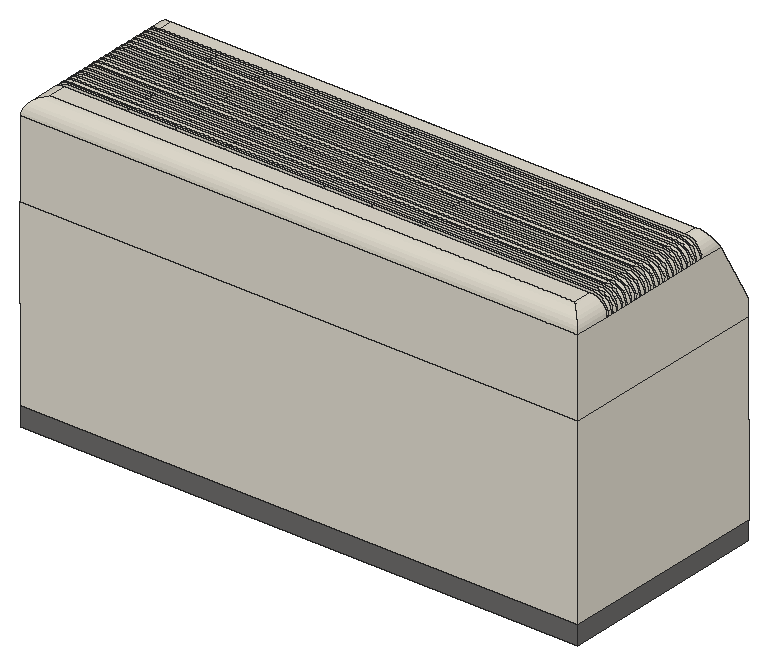
Revit family "HVAC_PTAC-Heat-Pump", category Mechanical Equipment, host Face, Revit 2026
Family settings
  Host = Face
  Round Connector Dimension = Use Diameter
  Part Type = Normal
  Classification Number = 23.75.70.21.21
  Cut with Voids When Loaded = No
  Maintain Annotation Orientation = No
  Shared = No
  Room Calculation Point = No
Parameters (values of type "230V Base Model 7k Load")
  Warranty Duration (Years) = 0
  Wall Sleeve_Standard Depth [instance] = yes
  Wall Sleeve_24in Depth [instance] = no
  Wall Sleeve_16in Depth [instance] = no
  Wall Sleeve Finish [instance] = Beige
  Vent Fan CFM = "38 CFM"
  Unit Width = 3' - 6"
  Unit Weight = 98
  Unit Height = 1' - 4"
  Unit Depth = 0' - 7 1/16"
  URL = ""
  Type Comments = ""
  Temperature Range = "60 - 85 F"
  Sub Base Height Opening Cut Adjustment [instance] = 0' - 0"
  Sub Base Finish [instance] = Dark Brown
  Sub Base Depth [instance] = 1' - 1 3/4"
  Standards Conformance = "UL  ;  ULc  ;  AHRI"
  Show Generic Exterior Grille [instance] = yes
  STC Rating = 29
  SHR = 0.79
  Power Factor = 0.96
  Power Consumption_Heating = 41.8064 VA
  Power Consumption_Cooling = 50.6322 VA
  Poles = 2
  Opening Depth [instance] = 1' - 1 3/4"
  NEMA Receptacle [instance] = "[NEMA6] [NEMA7]"
  Mounting Height [instance] = 2' - 0"
  Model = ""
  Manufacturer = ""
  Maintenance Schedule (Months) = 0
  MEP Apparent Power = if((Heating), Power Consumption_Heating, Power Consumption_Cooling)  # 41.8064 VA
  Keynote = "23 81 00"
  Installation Phase = ""
  Indoor Fan CFM = "250 - 409 CFM"
  Include Sub Base [instance] = no
  Heating Capacity = 1965.39 Btu/h
  Heating COP = 4
  Heating Amp Draw = "2.1"
  Heating = yes
  Grille Finish [instance] = Dark Brown
  Fixture Finish [instance] = Beige
  Expected Lifespan (Years) = 0
  Electrical_Voltage = 21.3677 V
  Electrical_Phase = 1
  Electrical_Frequency = 0 Hz
  Electrical_Amperage = 0 A
  Description = ""
  Dehumidification Rate = "1.7 pts / hr"
  Default Elevation = 0' - 0"  # constant formula
  Copyright = "ARCAT"
  Cooling EER = 13
  Cooling Capacity = 2250.69 Btu/h
  Cooling Amp Draw = "2.5 FL - 13.5 LR"
  Assembly Code = "D3050200"
Types (2): name | URL | Type Comments | Power Consumption_Heating | Power Consumption_Cooling | Model | Manufacturer | MEP Apparent Power | Heating Capacity | Heating Amp Draw | Electrical_Voltage | Description | Copyright | Cooling Capacity | Cooling Amp Draw
  230V Base Model 7k Load | "" | "" | 41.8064 VA | 50.6322 VA | "" | "" | 41.8064 VA | 1965.39 Btu/h | "2.1" | 21.3677 V | "" | "ARCAT" | 2250.69 Btu/h | "2.5 FL - 13.5 LR"
  208V Base Model 7k Load | "http://www.geappliances.com/ge/zoneline.htm" | "Contact GE for up-to-date install requirements." | 40.8773 VA | 49.2386 VA | "AZ65H07DAB" | "GE Zoneline" | 40.8773 VA | 1933.69 Btu/h | "2.2" | 19.3238 V | "GE Zoneline Wall Mounted Heat Pump Commercial Air Conditioner - PTAC AZ65H07DAB as Specified" | "©Arcat Inc." | 2187.29 Btu/h | "2.7 FL - 13.5 LR"
Reference planes (in)
  plane 1 "Center (Elevation)": y = -10.0025
  plane 2: z = 0
  plane 3 "Center (Left/Right)": x = 0
  plane 4: y = -2.0025
  plane 5: y = -18.0025
  plane 6: x = -21
  plane 7: x = 21
  plane 8: z = 12
  plane 9 "FF": y = -42.0025
  plane 10: z = -13.75
Forms (in)
  Extrusion 1, void
    sketch origin (0, 0, 0) x (1, 0, 0) y (0, 1, 0)
      loop
        line (-21, -2.0025) -> (-21, -18.0025) -> (21, -18.0025) -> (21, -2.0025) -> (-21, -2.0025)
    from 0 to -13.75
Dimensions and locks (in)
  plane 8 to level = 1' - 0"
  equal spacing: plane 4, plane 1 "Center (Elevation)", plane 5
  "Unit Height": plane 4 to plane 5
  equal spacing: plane 6, plane 3 "Center (Left/Right)", plane 7
  "Unit Width": plane 6 to plane 7
  "Mounting Height": plane 5 to plane 9 "FF"
  "Sub Base Height Opening Cut Adjustment": plane 5 to Extrusion 1 sketch curve
  "Opening Depth": level to plane 10
  aligned and locked: plane 2 to host face
  aligned and locked: level to host face
  aligned and locked: plane 1 "Center (Elevation)" to nested 1
  aligned and locked: plane 3 "Center (Left/Right)" to nested 1
  aligned and locked: Extrusion 1 sketch curve to plane 6
  aligned and locked: Extrusion 1 sketch curve to plane 4
  aligned and locked: Extrusion 1 sketch curve to plane 7
  aligned and locked: Extrusion 1 to plane 10
Automatic sketch dimensions
  host sketch curve to host sketch curve = 8' - 0"  (x2)
Nested families (in)
  nested 1: "GEZoneline" at (0, -10.0025, 0), RAB17B Sleeve <- "Wall Sleeve_Standard Depth", RAB7116B Sleeve <- "Wall Sleeve_16in Depth", RAB7124B Sleeve <- "Wall Sleeve_24in Depth", sleeve finish <- "Wall Sleeve Finish", finish <- "Fixture Finish", Show Generic Grille <- "Show Generic Exterior Grille", grille finish <- "Grille Finish", type "GEZoneline"
    with sleeve finish Beige, grille finish Dark Brown, grille depth 0' - 1 3/8", finish Beige, depth of sleeve 1' - 1 3/4", Show Generic Grille yes, RAB7124B Sleeve no, RAB7116B Sleeve no, RAB17B Sleeve yes
Connectors (in)
  electrical at (0, -18.0025, 2.90625), driven by "Power Factor", driven by "Poles", driven by "Electrical_Voltage", driven by "MEP Apparent Power"
    settings: on nested 1, index 1, voltage 21.3677 V, apparent load 0 VA, apparent load phase1 41.8064 VA, apparent load phase2 0 VA, apparent load phase3 0 VA, power factor 0.96, load classification "HVAC", number of poles 2, system type 31, power factor state 1, is connector primary yes, connector utility no, sub classification motor no, connector description ""
Definition of nested family "GEZoneline"
  Parameters
    width = 3' - 6"
    sleeve finish [instance] = none
    height = 1' - 4"
    grille finish [instance] = none
    grille depth [instance] = 0' - 1 3/8"
    finish [instance] = none
    depth of sleeve [instance] = if(RAB7124B Sleeve, 2' 0", if(RAB7116B Sleeve, 1' 4", 1' 1 3/4"))  # 1' - 1 3/4"
    depth = 1' - 8 13/16"
    Show Generic Grille [instance] = yes
    RAB7124B Sleeve [instance] = no
    RAB7116B Sleeve [instance] = no
    RAB17B Sleeve [instance] = yes
    Default Elevation = 4' - 0"
  Reference planes (in)
    plane 1 "Center (Front/Back)": y = 0
    plane 2: z = 0
    plane 3 "Center (Left/Right)": x = 0
    plane 4: x = -21
    plane 5: x = 21
    plane 6: y = 8
    plane 7: y = -8
    plane 8: z = 7.0625
    plane 9: z = -13.75
  Forms (in)
    Extrusion 1, solid, material <- "finish"
      sketch origin (0, 0, 0) x (1, 0, 0) y (0, 0, 1)
        loop
          line (-21, 0) -> (21, 0) -> (21, 5.8125)
          arc (21, 5.8125) -> (20.63388, 6.69638) -> (19.75, 7.0625) r 1.25
          line (19.75, 7.0625) -> (-19.75, 7.0625)
          arc (-19.75, 7.0625) -> (-20.63388, 6.69638) -> (-21, 5.8125) r 1.25
          line (-21, 5.8125) -> (-21, 0)
      from -8 to -3.62625
    Extrusion 2, solid, material <- "sleeve finish"
      sketch origin (0, 0, 0) x (1, 0, 0) y (0, 0, 1)
        loop
          line (-21, 0) -> (-21, -13.75) -> (21, -13.75) -> (21, 0) -> (-21, 0)
      from -8 to 8
    Extrusion 3, void
      sketch origin (0, 0, 0) x (0, 1, 0) y (0, 0, 1)
        loop
          arc (7.89399, 1.43362) -> (7.97304, 1.24278) -> (8, 1.03798) r 0.79129
          line (8, 1.03798) -> (8, 7.0625) -> (4.64415, 7.0625) -> (7.89399, 1.43362)
      from -21 to 21
    Extrusion 4, void
      sketch origin (0, 0, 0) x (0, 1, 0) y (0, 0, 1)
        loop
          line (-8, 7.0625) -> (-8, 5.8125)
          arc (-8, 5.8125) -> (-7.63388, 6.69638) -> (-6.75, 7.0625) r 1.25
          line (-6.75, 7.0625) -> (-8, 7.0625)
      from -21 to 21
    Extrusion 5, solid, material <- "finish", detail levels fine
      sketch origin (0, 0, 0) x (1, 0, 0) y (0, 0, 1)
        loop
          arc (-19.75, 7.0625) -> (-20.63388, 6.69638) -> (-21, 5.8125) r 1.25
          line (-21, 5.8125) -> (21, 5.8125)
          arc (21, 5.8125) -> (20.63388, 6.69638) -> (19.75, 7.0625) r 1.25
          line (19.75, 7.0625) -> (-19.75, 7.0625)
      from -3.42364 to -3.19908
    Extrusion 6, solid, material <- "finish", detail levels medium+fine
      sketch origin (0, -0.4375, 0) x (1, 0, 0) y (0, 0, 1)
        loop
          arc (-19.75, 7.0625) -> (-20.63388, 6.69638) -> (-21, 5.8125) r 1.25
          line (-21, 5.8125) -> (21, 5.8125)
          arc (21, 5.8125) -> (20.63388, 6.69638) -> (19.75, 7.0625) r 1.25
          line (19.75, 7.0625) -> (-19.75, 7.0625)
      from -3.42364 to -3.19908
    Extrusion 7, solid, material <- "finish", detail levels coarse+fine
      sketch origin (0, -0.875, 0) x (1, 0, 0) y (0, 0, 1)
        loop
          arc (-19.75, 7.0625) -> (-20.63388, 6.69638) -> (-21, 5.8125) r 1.25
          line (-21, 5.8125) -> (21, 5.8125)
          arc (21, 5.8125) -> (20.63388, 6.69638) -> (19.75, 7.0625) r 1.25
          line (19.75, 7.0625) -> (-19.75, 7.0625)
      from -3.42364 to -3.19908
    Extrusion 8, solid, material <- "finish", detail levels medium+fine
      sketch origin (0, -1.3125, 0) x (1, 0, 0) y (0, 0, 1)
        loop
          arc (-19.75, 7.0625) -> (-20.63388, 6.69638) -> (-21, 5.8125) r 1.25
          line (-21, 5.8125) -> (21, 5.8125)
          arc (21, 5.8125) -> (20.63388, 6.69638) -> (19.75, 7.0625) r 1.25
          line (19.75, 7.0625) -> (-19.75, 7.0625)
      from -3.42364 to -3.19908
    Extrusion 9, solid, material <- "finish", detail levels fine
      sketch origin (0, -1.75, 0) x (1, 0, 0) y (0, 0, 1)
        loop
          arc (-19.75, 7.0625) -> (-20.63388, 6.69638) -> (-21, 5.8125) r 1.25
          line (-21, 5.8125) -> (21, 5.8125)
          arc (21, 5.8125) -> (20.63388, 6.69638) -> (19.75, 7.0625) r 1.25
          line (19.75, 7.0625) -> (-19.75, 7.0625)
      from -3.42364 to -3.19908
    Extrusion 10, solid, material <- "finish", detail levels medium+fine
      sketch origin (0, -2.1875, 0) x (1, 0, 0) y (0, 0, 1)
        loop
          arc (-19.75, 7.0625) -> (-20.63388, 6.69638) -> (-21, 5.8125) r 1.25
          line (-21, 5.8125) -> (21, 5.8125)
          arc (21, 5.8125) -> (20.63388, 6.69638) -> (19.75, 7.0625) r 1.25
          line (19.75, 7.0625) -> (-19.75, 7.0625)
      from -3.42364 to -3.19908
    Extrusion 11, solid, material <- "finish", detail levels coarse+fine
      sketch origin (0, -2.625, 0) x (1, 0, 0) y (0, 0, 1)
        loop
          arc (-19.75, 7.0625) -> (-20.63388, 6.69638) -> (-21, 5.8125) r 1.25
          line (-21, 5.8125) -> (21, 5.8125)
          arc (21, 5.8125) -> (20.63388, 6.69638) -> (19.75, 7.0625) r 1.25
          line (19.75, 7.0625) -> (-19.75, 7.0625)
      from -3.42364 to -3.19908
    Extrusion 12, solid, material <- "finish", detail levels medium+fine
      sketch origin (0, -3.0625, 0) x (1, 0, 0) y (0, 0, 1)
        loop
          arc (-19.75, 7.0625) -> (-20.63388, 6.69638) -> (-21, 5.8125) r 1.25
          line (-21, 5.8125) -> (21, 5.8125)
          arc (21, 5.8125) -> (20.63388, 6.69638) -> (19.75, 7.0625) r 1.25
          line (19.75, 7.0625) -> (-19.75, 7.0625)
      from -3.42364 to -3.19908
    Extrusion 13, solid, material <- "finish", detail levels fine
      sketch origin (0, -3.5, 0) x (1, 0, 0) y (0, 0, 1)
        loop
          arc (-19.75, 7.0625) -> (-20.63388, 6.69638) -> (-21, 5.8125) r 1.25
          line (-21, 5.8125) -> (21, 5.8125)
          arc (21, 5.8125) -> (20.63388, 6.69638) -> (19.75, 7.0625) r 1.25
          line (19.75, 7.0625) -> (-19.75, 7.0625)
      from -3.42364 to -3.19908
    Extrusion 14, solid, material <- "finish", detail levels medium+fine
      sketch origin (0, -3.9375, 0) x (1, 0, 0) y (0, 0, 1)
        loop
          arc (-19.75, 7.0625) -> (-20.63388, 6.69638) -> (-21, 5.8125) r 1.25
          line (-21, 5.8125) -> (21, 5.8125)
          arc (21, 5.8125) -> (20.63388, 6.69638) -> (19.75, 7.0625) r 1.25
          line (19.75, 7.0625) -> (-19.75, 7.0625)
      from -3.42364 to -3.19908
    Extrusion 15, solid, material <- "finish", detail levels coarse+fine
      sketch origin (0, -4.375, 0) x (1, 0, 0) y (0, 0, 1)
        loop
          arc (-19.75, 7.0625) -> (-20.63388, 6.69638) -> (-21, 5.8125) r 1.25
          line (-21, 5.8125) -> (21, 5.8125)
          arc (21, 5.8125) -> (20.63388, 6.69638) -> (19.75, 7.0625) r 1.25
          line (19.75, 7.0625) -> (-19.75, 7.0625)
      from -3.42364 to -3.19908
    Extrusion 16, solid, material <- "finish", detail levels medium+fine
      sketch origin (0, -4.8125, 0) x (1, 0, 0) y (0, 0, 1)
        loop
          arc (-19.75, 7.0625) -> (-20.63388, 6.69638) -> (-21, 5.8125) r 1.25
          line (-21, 5.8125) -> (21, 5.8125)
          arc (21, 5.8125) -> (20.63388, 6.69638) -> (19.75, 7.0625) r 1.25
          line (19.75, 7.0625) -> (-19.75, 7.0625)
      from -3.42364 to -3.19908
    Extrusion 17, solid, material <- "finish", detail levels fine
      sketch origin (0, -5.25, 0) x (1, 0, 0) y (0, 0, 1)
        loop
          arc (-19.75, 7.0625) -> (-20.63388, 6.69638) -> (-21, 5.8125) r 1.25
          line (-21, 5.8125) -> (21, 5.8125)
          arc (21, 5.8125) -> (20.63388, 6.69638) -> (19.75, 7.0625) r 1.25
          line (19.75, 7.0625) -> (-19.75, 7.0625)
      from -3.42364 to -3.19908
    Extrusion 18, solid, material <- "finish", detail levels medium+fine
      sketch origin (0, -5.6875, 0) x (1, 0, 0) y (0, 0, 1)
        loop
          arc (-19.75, 7.0625) -> (-20.63388, 6.69638) -> (-21, 5.8125) r 1.25
          line (-21, 5.8125) -> (21, 5.8125)
          arc (21, 5.8125) -> (20.63388, 6.69638) -> (19.75, 7.0625) r 1.25
          line (19.75, 7.0625) -> (-19.75, 7.0625)
      from -3.42364 to -3.19908
    Extrusion 19, solid, material <- "finish", detail levels coarse+fine
      sketch origin (0, -6.125, 0) x (1, 0, 0) y (0, 0, 1)
        loop
          arc (-19.75, 7.0625) -> (-20.63388, 6.69638) -> (-21, 5.8125) r 1.25
          line (-21, 5.8125) -> (21, 5.8125)
          arc (21, 5.8125) -> (20.63388, 6.69638) -> (19.75, 7.0625) r 1.25
          line (19.75, 7.0625) -> (-19.75, 7.0625)
      from -3.42364 to -3.19908
    Extrusion 20, solid, material <- "finish", detail levels medium+fine
      sketch origin (0, -6.5625, 0) x (1, 0, 0) y (0, 0, 1)
        loop
          arc (-19.75, 7.0625) -> (-20.63388, 6.69638) -> (-21, 5.8125) r 1.25
          line (-21, 5.8125) -> (21, 5.8125)
          arc (21, 5.8125) -> (20.63388, 6.69638) -> (19.75, 7.0625) r 1.25
          line (19.75, 7.0625) -> (-19.75, 7.0625)
      from -3.42364 to -3.19908
    Extrusion 21, solid, material <- "finish", detail levels fine
      sketch origin (0, -7, 0) x (1, 0, 0) y (0, 0, 1)
        loop
          arc (-19.75, 7.0625) -> (-20.63388, 6.69638) -> (-21, 5.8125) r 1.25
          line (-21, 5.8125) -> (21, 5.8125)
          arc (21, 5.8125) -> (20.63388, 6.69638) -> (19.75, 7.0625) r 1.25
          line (19.75, 7.0625) -> (-19.75, 7.0625)
      from -3.42364 to -3.19908
    Extrusion 22, solid, material <- "finish", detail levels medium+fine
      sketch origin (0, -7.4375, 0) x (1, 0, 0) y (0, 0, 1)
        loop
          arc (-19.75, 7.0625) -> (-20.63388, 6.69638) -> (-21, 5.8125) r 1.25
          line (-21, 5.8125) -> (21, 5.8125)
          arc (21, 5.8125) -> (20.63388, 6.69638) -> (19.75, 7.0625) r 1.25
          line (19.75, 7.0625) -> (-19.75, 7.0625)
      from -3.42364 to -3.19908
    Extrusion 23, solid, material <- "finish", detail levels coarse+fine
      sketch origin (0, -7.875, 0) x (1, 0, 0) y (0, 0, 1)
        loop
          arc (-19.75, 7.0625) -> (-20.63388, 6.69638) -> (-21, 5.8125) r 1.25
          line (-21, 5.8125) -> (21, 5.8125)
          arc (21, 5.8125) -> (20.63388, 6.69638) -> (19.75, 7.0625) r 1.25
          line (19.75, 7.0625) -> (-19.75, 7.0625)
      from -3.42364 to -3.19908
    Extrusion 24, solid, material <- "finish", detail levels medium+fine
      sketch origin (0, -8.3125, 0) x (1, 0, 0) y (0, 0, 1)
        loop
          arc (-19.75, 7.0625) -> (-20.63388, 6.69638) -> (-21, 5.8125) r 1.25
          line (-21, 5.8125) -> (21, 5.8125)
          arc (21, 5.8125) -> (20.63388, 6.69638) -> (19.75, 7.0625) r 1.25
          line (19.75, 7.0625) -> (-19.75, 7.0625)
      from -3.42364 to -3.19908
    Extrusion 25, solid, material <- "finish"
      sketch origin (0, 0, 0) x (1, 0, 0) y (0, 0, 1)
        loop
          line (-21, 0) -> (21, 0) -> (21, 5.8125)
          arc (21, 5.8125) -> (20.63388, 6.69638) -> (19.75, 7.0625) r 1.25
          line (19.75, 7.0625) -> (-19.75, 7.0625)
          arc (-19.75, 7.0625) -> (-20.63388, 6.69638) -> (-21, 5.8125) r 1.25
          line (-21, 5.8125) -> (-21, 0)
      from 5.33337 to 8
    Extrusion 26, solid, material <- "finish"
      sketch origin (0, 0, 0) x (1, 0, 0) y (0, 0, 1)
        loop
          line (-21, 5.8125) -> (-21, 0) -> (21, 0) -> (21, 5.8125) -> (-21, 5.8125)
      from -3.70846 to 5.59958
    Extrusion 27, solid, material <- "finish"
      sketch origin (0, 0, 0) x (1, 0, 0) y (0, 1, 0)
        loop
          line (-15.75, 3.70846) -> (-15.75, -5.59958) -> (-15.25, -5.59958) -> (-15.25, 3.70846) -> (-15.75, 3.70846)
        loop
          line (-12.1364, 3.70846) -> (-12.1364, -5.59958) -> (-11.6364, -5.59958) -> (-11.6364, 3.70846) -> (-12.1364, 3.70846)
        loop
          line (-8.3864, 3.70846) -> (-8.3864, -5.59958) -> (-7.8864, -5.59958) -> (-7.8864, 3.70846) -> (-8.3864, 3.70846)
        loop
          line (-1, 3.70846) -> (-1, -5.59958) -> (-0.5, -5.59958) -> (-0.5, 3.70846) -> (-1, 3.70846)
        loop
          line (2.6136, 3.70846) -> (2.6136, -5.59958) -> (3.1136, -5.59958) -> (3.1136, 3.70846) -> (2.6136, 3.70846)
        loop
          line (6.3636, 3.70846) -> (6.3636, -5.59958) -> (6.8636, -5.59958) -> (6.8636, 3.70846) -> (6.3636, 3.70846)
        loop
          line (-4.93356, 3.70846) -> (-4.93356, -5.59958) -> (-3.92757, -5.59958) -> (-3.92757, 3.70846) -> (-4.93356, 3.70846)
      from 0 to 6.94019
    Extrusion 28, solid, material <- "finish"
      sketch origin (0, 0, 0) x (1, 0, 0) y (0, 0, 1)
        loop
          arc (-19.75, 6.8125) -> (-20.45711, 6.51961) -> (-20.75, 5.8125) r 1
          line (-20.75, 5.8125) -> (-18.75, 5.8125) -> (-18.75, 6.8125) -> (-19.75, 6.8125)
        loop
          arc (20.75, 5.8125) -> (20.45711, 6.51961) -> (19.75, 6.8125) r 1
          line (19.75, 6.8125) -> (9.78387, 6.8125) -> (9.78387, 5.8125) -> (20.75, 5.8125)
      from -3.62625 to 5.33337
    Extrusion 29, solid, material <- "finish"
      sketch origin (0, 8, 1.25) x (0, -0.5, 0.866025) y (1, 0, 0)
        loop
          line (6.0867, -19.625) -> (6.0867, -18.375) -> (5.5867, -18.375) -> (5.5867, -19.125)
          arc (5.5867, -19.125) -> (5.44025, -19.47855) -> (5.0867, -19.625) r 0.5
          line (5.0867, -19.625) -> (1.625, -19.625)
          arc (1.625, -19.625) -> (1.27145, -19.47855) -> (1.125, -19.125) r 0.5
          line (1.125, -19.125) -> (1.125, 10.51959)
          arc (1.125, 10.51959) -> (1.27145, 10.87314) -> (1.625, 11.01959) r 0.5
          line (1.625, 11.01959) -> (5.0867, 11.01959)
          arc (5.0867, 11.01959) -> (5.44025, 10.87314) -> (5.5867, 10.51959) r 0.5
          line (5.5867, 10.51959) -> (5.5867, 9.76959) -> (6.0867, 9.76959) -> (6.0867, 19.625)
          arc (6.0867, 19.625) -> (5.86703, 20.15533) -> (5.3367, 20.375) r 0.75
          line (5.3367, 20.375) -> (1.375, 20.375)
          arc (1.375, 20.375) -> (0.84467, 20.15533) -> (0.625, 19.625) r 0.75
          line (0.625, 19.625) -> (0.625, -19.625)
          arc (0.625, -19.625) -> (0.84467, -20.15533) -> (1.375, -20.375) r 0.75
          line (1.375, -20.375) -> (5.3367, -20.375)
          arc (5.3367, -20.375) -> (5.86703, -20.15533) -> (6.0867, -19.625) r 0.75
      from 0 to 0.25
    Extrusion 30, solid, material <- "finish"
      sketch origin (0, 8, 1.25) x (0, -0.5, 0.866025) y (1, 0, 0)
        loop
          line (5.3367, -19.125) -> (5.3367, 10.51959)
          arc (5.3367, 10.51959) -> (5.26347, 10.69637) -> (5.0867, 10.76959) r 0.25
          line (5.0867, 10.76959) -> (1.625, 10.76959)
          arc (1.625, 10.76959) -> (1.44822, 10.69637) -> (1.375, 10.51959) r 0.25
          line (1.375, 10.51959) -> (1.375, -19.125)
          arc (1.375, -19.125) -> (1.44822, -19.30178) -> (1.625, -19.375) r 0.25
          line (1.625, -19.375) -> (5.0867, -19.375)
          arc (5.0867, -19.375) -> (5.26347, -19.30178) -> (5.3367, -19.125) r 0.25
        loop
          line (1.625, -19.5625) -> (5.0867, -19.5625)
          arc (5.0867, -19.5625) -> (5.39606, -19.43436) -> (5.5242, -19.125) r 0.4375
          line (5.5242, -19.125) -> (5.5242, 10.51959)
          arc (5.5242, 10.51959) -> (5.39606, 10.82895) -> (5.0867, 10.95709) r 0.4375
          line (5.0867, 10.95709) -> (1.625, 10.95709)
          arc (1.625, 10.95709) -> (1.31564, 10.82895) -> (1.1875, 10.51959) r 0.4375
          line (1.1875, 10.51959) -> (1.1875, -19.125)
          arc (1.1875, -19.125) -> (1.31564, -19.43436) -> (1.625, -19.5625) r 0.4375
      from 0 to 0.25
    Extrusion 31, solid, material <- "finish"
      sketch origin (0, 8, 1.25) x (0, -0.5, 0.866025) y (1, 0, 0)
        loop
          line (6.0867, -18.3125) -> (6.0867, -4.33396) -> (5.5867, -4.33396) -> (5.5867, -18.3125) -> (6.0867, -18.3125)
        loop
          line (6.0867, 9.70709) -> (5.5867, 9.70709) -> (5.5867, -4.27146) -> (6.0867, -4.27146) -> (6.0867, 9.70709)
      from 0 to 0.25
    Extrusion 32, solid, material <- "finish"
      sketch origin (0, 8, 1.25) x (0, -0.5, 0.866025) y (1, 0, 0)
        loop
          line (4.8992, -19.375) -> (4.8992, 10.76959) -> (4.71246, 10.76959) -> (4.71246, -19.375) -> (4.8992, -19.375)
        loop
          line (1.99924, -19.375) -> (1.99924, 10.76959) -> (1.8125, 10.76959) -> (1.8125, -19.375) -> (1.99924, -19.375)
        loop
          line (3.44922, -19.375) -> (3.44922, 10.76959) -> (3.26248, 10.76959) -> (3.26248, -19.375) -> (3.44922, -19.375)
        loop
          line (2.72423, -19.375) -> (2.72423, 10.76959) -> (2.53749, 10.76959) -> (2.53749, -19.375) -> (2.72423, -19.375)
        loop
          line (4.17421, -19.375) -> (4.17421, 10.76959) -> (3.98747, 10.76959) -> (3.98747, -19.375) -> (4.17421, -19.375)
      from 0 to 0.25
    Extrusion 33, solid, material <- "finish", detail levels medium+fine
      sketch origin (0, 8, 1.25) x (0, -0.5, 0.866025) y (1, 0, 0)
        loop
          line (1.375, -14.87043) -> (5.3367, -14.87043) -> (5.3367, -14.64319) -> (1.375, -14.64319) -> (1.375, -14.87043)
        loop
          line (1.375, -11.37043) -> (5.3367, -11.37043) -> (5.3367, -11.14319) -> (1.375, -11.14319) -> (1.375, -11.37043)
        loop
          line (1.375, -7.87043) -> (5.3367, -7.87043) -> (5.3367, -7.64319) -> (1.375, -7.64319) -> (1.375, -7.87043)
        loop
          line (1.375, -4.37043) -> (5.3367, -4.37043) -> (5.3367, -4.14319) -> (1.375, -4.14319) -> (1.375, -4.37043)
        loop
          line (1.375, -0.87043) -> (5.3367, -0.87043) -> (5.3367, -0.64319) -> (1.375, -0.64319) -> (1.375, -0.87043)
        loop
          line (1.375, 2.62957) -> (5.3367, 2.62957) -> (5.3367, 2.85681) -> (1.375, 2.85681) -> (1.375, 2.62957)
        loop
          line (1.375, 6.12957) -> (5.3367, 6.12957) -> (5.3367, 6.35681) -> (1.375, 6.35681) -> (1.375, 6.12957)
      from 0 to 0.14618
    Extrusion 34, solid, material <- "grille finish", visible <- "Show Generic Grille"
      sketch origin (21, 0, -13.75) x (0, 1, 0) y (1, 0, 0)
        loop
          line (8, -42) -> (8, 0) -> (-8, 0) -> (-8, -42) -> (8, -42)
        loop
          line (-7, -41) -> (7, -41) -> (7, -1) -> (-7, -1) -> (-7, -41)
      from 0 to 1.375 <- "grille depth"
    Extrusion 35, solid, material <- "grille finish", visible <- "Show Generic Grille"
      sketch origin (0, 0, 0) x (0, 1, 0) y (0, 0, 1)
        loop
          line (-7, -15) -> (-6.46967, -14.46967) -> (-7, -14.46967) -> (-7, -15)
        loop
          line (-6.25, -15) -> (-5.71967, -14.46967) -> (-6.25, -14.46967) -> (-6.25, -15)
        loop
          line (-5.5, -15) -> (-4.96967, -14.46967) -> (-5.5, -14.46967) -> (-5.5, -15)
        loop
          line (-4.75, -15) -> (-4.21967, -14.46967) -> (-4.75, -14.46967) -> (-4.75, -15)
        loop
          line (-4, -15) -> (-3.46967, -14.46967) -> (-4, -14.46967) -> (-4, -15)
        loop
          line (-3.25, -15) -> (-2.71967, -14.46967) -> (-3.25, -14.46967) -> (-3.25, -15)
        loop
          line (-2.5, -15) -> (-1.96967, -14.46967) -> (-2.5, -14.46967) -> (-2.5, -15)
        loop
          line (-1.75, -15) -> (-1.21967, -14.46967) -> (-1.75, -14.46967) -> (-1.75, -15)
        loop
          line (-1, -15) -> (-0.46967, -14.46967) -> (-1, -14.46967) -> (-1, -15)
        loop
          line (-0.25, -15) -> (0.28033, -14.46967) -> (-0.25, -14.46967) -> (-0.25, -15)
        loop
          line (0.5, -15) -> (1.03033, -14.46967) -> (0.5, -14.46967) -> (0.5, -15)
        loop
          line (1.25, -15) -> (1.78033, -14.46967) -> (1.25, -14.46967) -> (1.25, -15)
        loop
          line (2, -15) -> (2.53033, -14.46967) -> (2, -14.46967) -> (2, -15)
        loop
          line (2.75, -15) -> (3.28033, -14.46967) -> (2.75, -14.46967) -> (2.75, -15)
        loop
          line (3.5, -15) -> (4.03033, -14.46967) -> (3.5, -14.46967) -> (3.5, -15)
        loop
          line (4.25, -15) -> (4.78033, -14.46967) -> (4.25, -14.46967) -> (4.25, -15)
        loop
          line (5, -15) -> (5.53033, -14.46967) -> (5, -14.46967) -> (5, -15)
        loop
          line (5.75, -15) -> (6.28033, -14.46967) -> (5.75, -14.46967) -> (5.75, -15)
        loop
          line (6.5, -15) -> (7.03033, -14.46967) -> (6.5, -14.46967) -> (6.5, -15)
      from -20 to 20
  Cuts and joins
    Extrusion 3, Extrusion 4 cuts Extrusion 1
    Extrusion 4 cuts Extrusion 25
    joined: Extrusion 1, Extrusion 25, Extrusion 26, Extrusion 28
  Lines and regions (in)
    model lines
      curve 1: line (14.79435, 7.0593, 3.37934) -> (15.79435, 7.0593, 3.37934)
      curve 2: line (14.79435, 6.7468, 3.92061) -> (14.79435, 7.0593, 3.37934)
      curve 3: line (15.79435, 6.7468, 3.92061) -> (14.79435, 6.7468, 3.92061)
      curve 4: line (15.79435, 7.0593, 3.37934) -> (15.79435, 6.7468, 3.92061)
      curve 5: line (14.79435, 6.60099, 4.17316) -> (15.79435, 6.60099, 4.17316)
      curve 6: line (14.79435, 6.31628, 4.6663) -> (14.79435, 6.60099, 4.17316)
      curve 7: line (15.79435, 6.31628, 4.6663) -> (14.79435, 6.31628, 4.6663)
      curve 8: line (15.79435, 6.60099, 4.17316) -> (15.79435, 6.31628, 4.6663)
      curve 9: line (12.28284, 7.0593, 3.37934) -> (13.33142, 7.0593, 3.37934)
      curve 10: line (12.28284, 6.7468, 3.92061) -> (12.28284, 7.0593, 3.37934)
      curve 11: line (13.33142, 6.7468, 3.92061) -> (12.28284, 6.7468, 3.92061)
      curve 12: line (13.33142, 7.0593, 3.37934) -> (13.33142, 6.7468, 3.92061)
      curve 13: line (12.28284, 6.60099, 4.17316) -> (13.33142, 6.60099, 4.17316)
      curve 14: line (12.28284, 6.31628, 4.6663) -> (12.28284, 6.60099, 4.17316)
      curve 15: line (13.33142, 6.31628, 4.6663) -> (12.28284, 6.31628, 4.6663)
      curve 16: line (13.33142, 6.60099, 4.17316) -> (13.33142, 6.31628, 4.6663)
      curve 17: line (17.4364, 6.60099, 4.17316) -> (18.36172, 6.60099, 4.17316)
      curve 18: line (17.4364, 6.31628, 4.6663) -> (17.4364, 6.60099, 4.17316)
      curve 19: line (18.36172, 6.31628, 4.6663) -> (17.4364, 6.31628, 4.6663)
      curve 20: line (18.36172, 6.60099, 4.17316) -> (18.36172, 6.31628, 4.6663)
      curve 21: line (11.31705, 7.1843, 3.16283) -> (11.31705, 5.97177, 5.263)
      curve 22: line (18.48672, 7.6843, 2.29681) -> (12.31705, 7.6843, 2.29681)
      curve 23: line (19.48672, 5.97177, 5.263) -> (19.48672, 7.1843, 3.16283)
      curve 24: line (12.31705, 5.47177, 6.12902) -> (18.48672, 5.47177, 6.12902)
      curve 25: arc (12.31705, 7.6843, 2.29681) -> (11.60994, 7.53785, 2.55046) -> (11.31705, 7.1843, 3.16283) r 1
      curve 26: arc (18.48672, 7.6843, 2.29681) -> (19.19383, 7.53785, 2.55046) -> (19.48672, 7.1843, 3.16283) r 1
      curve 27: arc (19.48672, 5.97177, 5.263) -> (19.19383, 5.61822, 5.87537) -> (18.48672, 5.47177, 6.12902) r 1
      curve 28: arc (12.31705, 5.47177, 6.12902) -> (11.60994, 5.61822, 5.87537) -> (11.31705, 5.97177, 5.263) r 1
  Dimensions and locks (in)
    equal spacing: plane 4, plane 3 "Center (Left/Right)", plane 5
    "width": plane 4 to plane 5
    equal spacing: plane 6, plane 1 "Center (Front/Back)", plane 7
    "height": plane 6 to plane 7
    locked: plane 8 to level at 7.0625
    "depth of sleeve": plane 2 to plane 9
    aligned and locked: plane 2 to level
    aligned and locked: Extrusion 2 sketch curve to Extrusion 1  (x2)
    aligned and locked: plane 9 to Extrusion 2 sketch curve
    aligned and locked: Extrusion 2 sketch curve to plane 5
    aligned and locked: Extrusion 2 to plane 6
    aligned and locked: Extrusion 2 to plane 7
    aligned and locked: Extrusion 34 sketch curve to Extrusion 2  (x4)
  Automatic sketch dimensions
    Extrusion 1 sketch curve to level = 0' - 0"
    Extrusion 1 sketch curve to plane 4 = 0' - 0"
    Extrusion 1 sketch curve to plane 8 = 0' - 0"
    Extrusion 1 sketch curve to plane 5 = 0' - 0"
    plane 4 to Extrusion 1 sketch curve = 0' - 1 1/4"
    Extrusion 1 sketch curve to Extrusion 1 sketch curve = 0' - 1 1/4"
    Extrusion 4 sketch curve to plane 7 = 0' - 0"
    Extrusion 4 sketch curve to plane 8 = 0' - 0"
    plane 7 to Extrusion 4 sketch curve = 0' - 1 1/4"
    Extrusion 25 sketch curve to level = 0' - 0"
    Extrusion 25 sketch curve to plane 4 = 0' - 0"
    Extrusion 25 sketch curve to plane 8 = 0' - 0"
    Extrusion 25 sketch curve to plane 5 = 0' - 0"
    plane 4 to Extrusion 25 sketch curve = 0' - 1 1/4"
    Extrusion 25 sketch curve to Extrusion 25 sketch curve = 0' - 1 1/4"
    Extrusion 26 sketch curve to level = 0' - 0"
    Extrusion 26 sketch curve to plane 4 = 0' - 0"
    Extrusion 26 sketch curve to plane 5 = 0' - 0"
    Extrusion 26 sketch curve to plane 8 = 0' - 1 1/4"
    plane 7 to Extrusion 27 sketch curve = 0' - 2.40042"  (x7)
    plane 4 to Extrusion 27 sketch curve = 0' - 5 1/4"
    Extrusion 27 sketch curve to Extrusion 27 sketch curve = 0' - 0 1/2"  (x6)
    Extrusion 27 sketch curve to Extrusion 27 sketch curve = 0' - 3.1136"
    Extrusion 27 sketch curve to Extrusion 27 sketch curve = 0' - 3 1/4"  (x2)
    Extrusion 27 sketch curve to Extrusion 27 sketch curve = 0' - 2.95284"
    Extrusion 27 sketch curve to Extrusion 27 sketch curve = 0' - 1.00599"
    Extrusion 27 sketch curve to plane 3 "Center (Left/Right)" = 0' - 1"
    plane 3 "Center (Left/Right)" to Extrusion 27 sketch curve = 0' - 2.6136"
    Extrusion 27 sketch curve to plane 1 "Center (Front/Back)" = 0' - 3.70846"  (x3)
    Extrusion 27 sketch curve to Extrusion 27 sketch curve = 0' - 0"  (x4)
    plane 4 to Extrusion 28 sketch curve = 0' - 0 1/4"
    Extrusion 28 sketch curve to Extrusion 28 sketch curve = 0' - 1"  (x2)
    Extrusion 28 sketch curve to plane 8 = 0' - 0 1/4"  (x2)
    Extrusion 28 sketch curve to plane 8 = 0' - 1 1/4"
    plane 3 "Center (Left/Right)" to Extrusion 28 sketch curve = 0' - 9.78387"
    Extrusion 28 sketch curve to plane 5 = 0' - 0 1/4"
    Extrusion 5 sketch curve to plane 4 = 0' - 0"  (x2)
    Extrusion 5 sketch curve to plane 8 = 0' - 0"
    Extrusion 5 sketch curve to plane 5 = 0' - 0"  (x2)
    plane 4 to Extrusion 5 sketch curve = 0' - 1 1/4"
    Extrusion 5 sketch curve to plane 5 = 0' - 1 1/4"
    Extrusion 5 sketch curve to Extrusion 5 sketch curve = 0' - 0"
    Extrusion 6 sketch curve to plane 4 = 0' - 0"  (x2)
    Extrusion 6 sketch curve to plane 8 = 0' - 0"
    Extrusion 6 sketch curve to plane 5 = 0' - 0"  (x2)
    plane 4 to Extrusion 6 sketch curve = 0' - 1 1/4"
    Extrusion 6 sketch curve to plane 5 = 0' - 1 1/4"
    Extrusion 6 sketch curve to Extrusion 6 sketch curve = 0' - 0"
    Extrusion 7 sketch curve to plane 4 = 0' - 0"  (x2)
    Extrusion 7 sketch curve to plane 8 = 0' - 0"
    Extrusion 7 sketch curve to plane 5 = 0' - 0"  (x2)
    Extrusion 7 sketch curve to plane 5 = 0' - 1 1/4"
    plane 4 to Extrusion 7 sketch curve = 0' - 1 1/4"
    Extrusion 7 sketch curve to Extrusion 7 sketch curve = 0' - 0"
    Extrusion 8 sketch curve to plane 4 = 0' - 0"  (x2)
    Extrusion 8 sketch curve to plane 8 = 0' - 0"
    Extrusion 8 sketch curve to plane 5 = 0' - 0"  (x2)
    Extrusion 8 sketch curve to plane 5 = 0' - 1 1/4"
    plane 4 to Extrusion 8 sketch curve = 0' - 1 1/4"
    Extrusion 8 sketch curve to Extrusion 8 sketch curve = 0' - 0"
    Extrusion 9 sketch curve to plane 4 = 0' - 0"  (x2)
    Extrusion 9 sketch curve to plane 8 = 0' - 0"
    Extrusion 9 sketch curve to plane 5 = 0' - 0"  (x2)
    Extrusion 9 sketch curve to plane 5 = 0' - 1 1/4"
    plane 4 to Extrusion 9 sketch curve = 0' - 1 1/4"
    Extrusion 9 sketch curve to Extrusion 9 sketch curve = 0' - 0"
    Extrusion 10 sketch curve to plane 4 = 0' - 0"  (x2)
    Extrusion 10 sketch curve to plane 8 = 0' - 0"
    Extrusion 10 sketch curve to plane 5 = 0' - 0"  (x2)
    Extrusion 10 sketch curve to plane 5 = 0' - 1 1/4"
    plane 4 to Extrusion 10 sketch curve = 0' - 1 1/4"
    Extrusion 10 sketch curve to Extrusion 10 sketch curve = 0' - 0"
    Extrusion 11 sketch curve to plane 4 = 0' - 0"  (x2)
    Extrusion 11 sketch curve to plane 8 = 0' - 0"
    Extrusion 11 sketch curve to plane 5 = 0' - 0"  (x2)
    Extrusion 11 sketch curve to plane 5 = 0' - 1 1/4"
    plane 4 to Extrusion 11 sketch curve = 0' - 1 1/4"
    Extrusion 11 sketch curve to Extrusion 11 sketch curve = 0' - 0"
    Extrusion 12 sketch curve to plane 4 = 0' - 0"  (x2)
    Extrusion 12 sketch curve to plane 8 = 0' - 0"
    Extrusion 12 sketch curve to plane 5 = 0' - 0"  (x2)
    Extrusion 12 sketch curve to plane 5 = 0' - 1 1/4"
    plane 4 to Extrusion 12 sketch curve = 0' - 1 1/4"
    Extrusion 12 sketch curve to Extrusion 12 sketch curve = 0' - 0"
    Extrusion 13 sketch curve to plane 4 = 0' - 0"  (x2)
    Extrusion 13 sketch curve to plane 8 = 0' - 0"
    Extrusion 13 sketch curve to plane 5 = 0' - 0"  (x2)
    Extrusion 13 sketch curve to plane 5 = 0' - 1 1/4"
    plane 4 to Extrusion 13 sketch curve = 0' - 1 1/4"
    Extrusion 13 sketch curve to Extrusion 13 sketch curve = 0' - 0"
    Extrusion 14 sketch curve to plane 4 = 0' - 0"  (x2)
    Extrusion 14 sketch curve to plane 8 = 0' - 0"
    Extrusion 14 sketch curve to plane 5 = 0' - 0"  (x2)
    Extrusion 14 sketch curve to plane 5 = 0' - 1 1/4"
    plane 4 to Extrusion 14 sketch curve = 0' - 1 1/4"
    Extrusion 14 sketch curve to Extrusion 14 sketch curve = 0' - 0"
    Extrusion 15 sketch curve to plane 4 = 0' - 0"  (x2)
    Extrusion 15 sketch curve to plane 8 = 0' - 0"
    Extrusion 15 sketch curve to plane 5 = 0' - 0"  (x2)
    Extrusion 15 sketch curve to plane 5 = 0' - 1 1/4"
    plane 4 to Extrusion 15 sketch curve = 0' - 1 1/4"
    Extrusion 15 sketch curve to Extrusion 15 sketch curve = 0' - 0"
    Extrusion 16 sketch curve to plane 4 = 0' - 0"  (x2)
    Extrusion 16 sketch curve to plane 8 = 0' - 0"
    Extrusion 16 sketch curve to plane 5 = 0' - 0"  (x2)
    Extrusion 16 sketch curve to plane 5 = 0' - 1 1/4"
    plane 4 to Extrusion 16 sketch curve = 0' - 1 1/4"
    Extrusion 16 sketch curve to Extrusion 16 sketch curve = 0' - 0"
    Extrusion 17 sketch curve to plane 4 = 0' - 0"  (x2)
    Extrusion 17 sketch curve to plane 8 = 0' - 0"
    Extrusion 17 sketch curve to plane 5 = 0' - 0"  (x2)
    Extrusion 17 sketch curve to plane 5 = 0' - 1 1/4"
    plane 4 to Extrusion 17 sketch curve = 0' - 1 1/4"
    Extrusion 17 sketch curve to Extrusion 17 sketch curve = 0' - 0"
    Extrusion 18 sketch curve to plane 4 = 0' - 0"  (x2)
    Extrusion 18 sketch curve to plane 8 = 0' - 0"
    Extrusion 18 sketch curve to plane 5 = 0' - 0"  (x2)
    Extrusion 18 sketch curve to plane 5 = 0' - 1 1/4"
    plane 4 to Extrusion 18 sketch curve = 0' - 1 1/4"
    Extrusion 18 sketch curve to Extrusion 18 sketch curve = 0' - 0"
    Extrusion 19 sketch curve to plane 4 = 0' - 0"  (x2)
    Extrusion 19 sketch curve to plane 8 = 0' - 0"
    Extrusion 19 sketch curve to plane 5 = 0' - 0"  (x2)
    Extrusion 19 sketch curve to plane 5 = 0' - 1 1/4"
    plane 4 to Extrusion 19 sketch curve = 0' - 1 1/4"
    Extrusion 19 sketch curve to Extrusion 19 sketch curve = 0' - 0"
    Extrusion 20 sketch curve to plane 4 = 0' - 0"  (x2)
    Extrusion 20 sketch curve to plane 8 = 0' - 0"
    Extrusion 20 sketch curve to plane 5 = 0' - 0"  (x2)
    Extrusion 20 sketch curve to plane 5 = 0' - 1 1/4"
    plane 4 to Extrusion 20 sketch curve = 0' - 1 1/4"
    Extrusion 20 sketch curve to Extrusion 20 sketch curve = 0' - 0"
    Extrusion 21 sketch curve to plane 4 = 0' - 0"  (x2)
    Extrusion 21 sketch curve to plane 8 = 0' - 0"
    Extrusion 21 sketch curve to plane 5 = 0' - 0"  (x2)
    Extrusion 21 sketch curve to plane 5 = 0' - 1 1/4"
    plane 4 to Extrusion 21 sketch curve = 0' - 1 1/4"
    Extrusion 21 sketch curve to Extrusion 21 sketch curve = 0' - 0"
    Extrusion 22 sketch curve to plane 4 = 0' - 0"  (x2)
    Extrusion 22 sketch curve to plane 8 = 0' - 0"
    Extrusion 22 sketch curve to plane 5 = 0' - 0"  (x2)
    Extrusion 22 sketch curve to plane 5 = 0' - 1 1/4"
    plane 4 to Extrusion 22 sketch curve = 0' - 1 1/4"
    Extrusion 22 sketch curve to Extrusion 22 sketch curve = 0' - 0"
    Extrusion 23 sketch curve to plane 4 = 0' - 0"  (x2)
    Extrusion 23 sketch curve to plane 8 = 0' - 0"
    Extrusion 23 sketch curve to plane 5 = 0' - 0"  (x2)
    Extrusion 23 sketch curve to plane 5 = 0' - 1 1/4"
    plane 4 to Extrusion 23 sketch curve = 0' - 1 1/4"
    Extrusion 23 sketch curve to Extrusion 23 sketch curve = 0' - 0"
    Extrusion 24 sketch curve to plane 4 = 0' - 0"  (x2)
    Extrusion 24 sketch curve to plane 8 = 0' - 0"
    Extrusion 24 sketch curve to plane 5 = 0' - 0"  (x2)
    Extrusion 24 sketch curve to plane 5 = 0' - 1 1/4"
    plane 4 to Extrusion 24 sketch curve = 0' - 1 1/4"
    Extrusion 24 sketch curve to Extrusion 24 sketch curve = 0' - 0"
    Extrusion 29 sketch curve to Extrusion 29 sketch curve = 0' - 0 3/4"  (x2)
    Extrusion 29 sketch curve to Extrusion 29 sketch curve = 0' - 0 1/4"  (x2)
    Extrusion 29 sketch curve to Extrusion 29 sketch curve = 0' - 0 1/2"  (x6)
    Extrusion 29 sketch curve to Extrusion 3 = 0' - 1 5/8"  (x2)
    Extrusion 3 to Extrusion 29 sketch curve = 0' - 0 5/8"
    Extrusion 29 sketch curve to Extrusion 3 = 0' - 1 3/8"
    Extrusion 29 sketch curve to Extrusion 3 = 0' - 0 5/8"
    Extrusion 29 sketch curve to Extrusion 29 sketch curve = 0' - 8.60541"
    Extrusion 3 to Extrusion 29 sketch curve = 0' - 2 5/8"
    Extrusion 3 to Extrusion 29 sketch curve = 0' - 1 7/8"
    Extrusion 3 to Extrusion 30 sketch curve = 0' - 10.48041"
    Extrusion 30 sketch curve to Extrusion 30 sketch curve = 0' - 0"  (x9)
    Extrusion 30 sketch curve to Extrusion 30 sketch curve = 0' - 0 3/16"
    Extrusion 30 sketch curve to Extrusion 30 sketch curve = 0' - 0 1/4"  (x3)
    Extrusion 30 sketch curve to Extrusion 3 = 0' - 1 5/8"  (x2)
    Extrusion 3 to Extrusion 30 sketch curve = 0' - 1 7/8"
    Extrusion 3 to Extrusion 31 sketch curve = 0' - 2 11/16"
    Extrusion 3 to Extrusion 31 sketch curve = 0' - 11.29291"
    Extrusion 31 sketch curve to Extrusion 3 = 0' - 1 1/8"  (x2)
    Extrusion 31 sketch curve to Extrusion 31 sketch curve = 0' - 0 1/2"  (x2)
    Extrusion 31 sketch curve to Extrusion 31 sketch curve = 1' - 1.97854"
    Extrusion 31 sketch curve to Extrusion 31 sketch curve = 0' - 0 1/16"
    Extrusion 32 sketch curve to Extrusion 32 sketch curve = 0' - 0.18674"  (x5)
    Extrusion 32 sketch curve to Extrusion 32 sketch curve = 0' - 0.53825"  (x4)
    Extrusion 3 to Extrusion 32 sketch curve = 0' - 1 5/8"
    Extrusion 32 sketch curve to Extrusion 32 sketch curve = 0' - 0"  (x8)
    Extrusion 3 to Extrusion 32 sketch curve = 0' - 10.23041"
    Extrusion 33 sketch curve to Extrusion 3 = 0' - 1 3/8"  (x7)
    Extrusion 3 to Extrusion 33 sketch curve = 0' - 6.12957"
    Extrusion 33 sketch curve to Extrusion 33 sketch curve = 0' - 0.22724"  (x7)
    Extrusion 33 sketch curve to Extrusion 33 sketch curve = 0' - 3.27276"  (x6)
    curve 22 to Extrusion 29 = 0' - 0.06059"
    Extrusion 29 to curve 26 = 0' - 0.93941"
    curve 25 to curve 10 = 0' - 0 1/4"
    Extrusion 29 to curve 2 = 0' - 1.18941"
    curve 9 to curve 10 = 0' - 0 5/8"
    curve 1 to curve 3 = 0' - 0 5/8"
    curve 11 to curve 13 = 0' - 0.29163"
    curve 3 to curve 5 = 0' - 0.29163"
    curve 26 to curve 17 = 0' - 1.16663"
    curve 17 to curve 19 = 0' - 0.56942"
    curve 5 to curve 6 = 0' - 0.56942"
    curve 13 to curve 16 = 0' - 0.56942"
    curve 14 to curve 28 = 0' - 0.68901"
    Extrusion 29 to curve 23 = 0' - 1.09722"
    Extrusion 29 to curve 24 = 0' - 0.09722"
    curve 21 to Extrusion 29 = 0' - 0.29746"
    curve 10 to curve 25 = 0' - 0.03421"
    curve 14 to curve 10 = 0' - 0"
    curve 14 to curve 28 = 0' - 0.03421"
    curve 14 to curve 15 = 0' - 1.04858"
    curve 11 to curve 13 = 0' - 0"
    curve 9 to curve 1 = 0' - 1.46293"
    curve 7 to curve 2 = 0' - 0"
    curve 2 to curve 3 = 0' - 1"
    curve 8 to curve 3 = 0' - 0"
    curve 5 to curve 17 = 0' - 1.64206"
    curve 17 to curve 20 = 0' - 0.92532"
    curve 19 to curve 24 = 0' - 0 1/8"
    Extrusion 3 sketch curve to plane 8 = 0' - 0"
    Extrusion 3 sketch curve to plane 6 = 0' - 0"
    Extrusion 3 sketch curve to plane 6 = 0' - 0.10601"
    Extrusion 3 sketch curve to Extrusion 3 sketch curve = 0' - 0.68527"
    Extrusion 3 sketch curve to plane 6 = 0' - 3.35585"
    level to Extrusion 3 sketch curve = 0' - 1.03798"
    Extrusion 29 sketch curve to Extrusion 3 = 0' - 1.41298"
    Extrusion 29 sketch curve to Extrusion 3 = 0' - 1.16298"
    Extrusion 30 sketch curve to Extrusion 3 = 0' - 1.41298"
    Extrusion 32 sketch curve to Extrusion 3 = 0' - 1.60048"
    Extrusion 33 sketch curve to Extrusion 3 = 0' - 1.16298"  (x7)
    Extrusion 34 sketch curve to Extrusion 2 = 0' - 1"  (x3)
    Extrusion 2 to Extrusion 34 sketch curve = 0' - 1"
    plane 7 to Extrusion 35 sketch curve = 0' - 1"
    Extrusion 35 sketch curve to Extrusion 35 sketch curve = 0' - 0.53033"  (x34)
    Extrusion 35 sketch curve to Extrusion 35 sketch curve = 0' - 0.21967"  (x16)
    Extrusion 35 sketch curve to plane 9 = 0' - 0.71967"  (x8)
    Extrusion 35 sketch curve to plane 9 = 0' - 1 1/4"  (x3)
    plane 1 "Center (Front/Back)" to Extrusion 35 sketch curve = 0' - 0.46967"
    plane 1 "Center (Front/Back)" to Extrusion 35 sketch curve = 0' - 0 1/4"
    Extrusion 35 sketch curve to plane 1 "Center (Front/Back)" = 0' - 0.28033"
    Extrusion 35 sketch curve to plane 1 "Center (Front/Back)" = 0' - 0 1/2"
    Extrusion 35 sketch curve to Extrusion 35 sketch curve = 0' - 0"  (x10)
